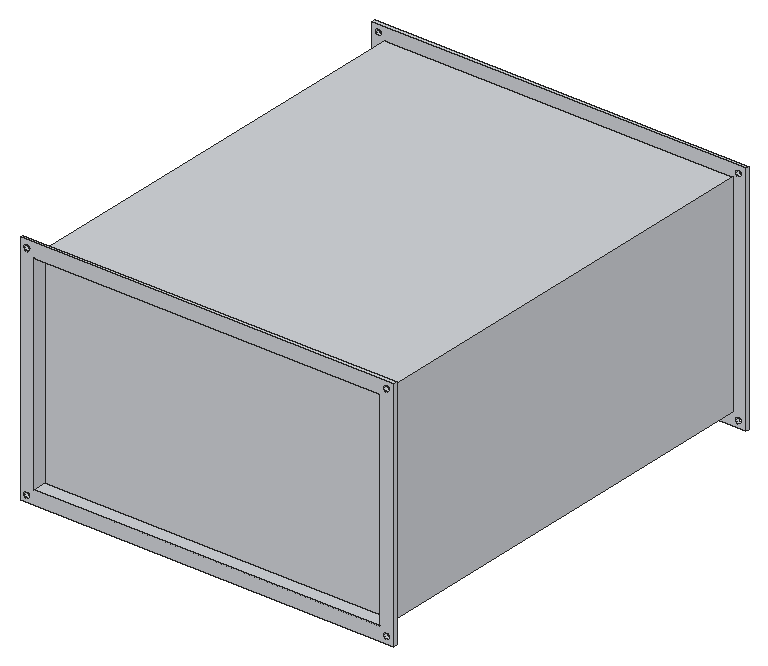
Revit family "11.Карманный воздушный фильтр для прямоугольных каналов FKR", category Оборудование, Revit 2016
Family settings
  Тип детали = Нормальный
  Размер круглого соединителя = Использовать диаметр
  На основе рабочей плоскости = Нет
  Всегда вертикально = Да
  При загрузке вырезать с полостями = Нет
  Общий = Нет
  Точка расчета площади = Нет
Parameters (values of type "50-30")
  ножки(да/нет) [instance] = no
  Ширина = А  # 500 mm
  Частотный преобразователь [instance] = no
  Частота вращения n, об/мин = ""
  Тип, марка, обозначение = "FKR 50-30"
  Теплопроизводительность, кВт = ""
  Сила тока J, А = ""
  Регулятор расхода [instance] = no
  Размер В = 520 mm
  Раздел = "ОВ"
  Примечание = ""
  Позиция = ""
  Отступ = 20 mm
  Напряжение U,В = ""
  Наименование и тех.хар-ка = "Карманный воздушный фильтр для прямоугольных каналов"  # constant formula
  Материал = Сталь серая
  Масса единицы = "10 кг"
  И = 640 mm
  Ж = 9 mm
  Код, оборудования = ""
  Ключевая пометка = "Вентиляция"
  Д = 540 mm
  Задание электрикам [instance] = no
  Задание автоматчикам [instance] = no
  Завод изготовитель = "KORF"  # constant formula
  Единица измерения = "шт."  # constant formula
  Г = 320 mm
  Е = 340 mm
  Высота = Б  # 300 mm
  Б = 300 mm
  А = 500 mm
  Глубина среза = 15 mm
Types (10, lengths in mm): name | Ширина | Тип, марка, обозначение | Размер В | Масса единицы | И | Ж | Д | Г | Е | Высота | Б | А
  30-15 | 300 | "FKR 30-15" | 320 | "6 кг" | 540 | 9 | 340 | 170 | 190 | 150 | 150 | 300
  40-20 | 400 | "FKR 40-20" | 420 | "6.8 кг" | 540 | 9 | 440 | 220 | 240 | 200 | 200 | 400
  50-25 | 500 | "FKR 50-25" | 520 | "9.4 кг" | 640 | 9 | 540 | 270 | 290 | 250 | 250 | 500
  50-30 | 500 | "FKR 50-30" | 520 | "10 кг" | 640 | 9 | 540 | 320 | 340 | 300 | 300 | 500
  60-30 | 600 | "FKR 60-30" | 620 | "11 кг" | 640 | 9 | 640 | 320 | 340 | 300 | 300 | 600
  60-35 | 600 | "FKR 60-35" | 620 | "11.2 кг" | 640 | 9 | 640 | 370 | 390 | 350 | 350 | 600
  70-40 | 700 | "FKR 70-40" | 720 | "14.2 кг" | 720 | 9 | 740 | 420 | 440 | 400 | 400 | 700
  80-50 | 800 | "FKR 80-50" | 820 | "23.4 кг" | 800 | 9 | 870 | 520 | 540 | 500 | 500 | 800
  90-50 | 900 | "FKR 90-50" | 930 | "26 кг" | 820 | 11 | 960 | 530 | 560 | 500 | 500 | 900
  100-50 | 1000 | "FKR 100-50" | 1030 | "27.6 кг" | 820 | 11 | 1060 | 530 | 560 | 500 | 500 | 1000
Reference planes
  plane 1 "По центру (Вперед/Назад)": y = 0
  plane 2: z = 0
  plane 3 "По центру (Влево/Вправо)": x = 0
  plane 4: x = -270
  plane 5: x = 270
  plane 6: z = 170
  plane 7: z = -170
  plane 8: x = -260
  plane 9: x = -250
  plane 10: x = 260
  plane 11: x = 250
  plane 12: z = 160
  plane 13: z = 150
  plane 14: z = -160
  plane 15: z = -150
  plane 16: y = 320
  plane 17: y = -320
  plane 18: y = -300
  plane 19: y = 300
Forms (mm)
  Extrusion 1, void, not visible
    sketch origin (-345, -245, 50) x (0, -1, 0) y (0, 0, -1)
      loop
        line (-477.965, -475) -> (-477.965, -450) -> (-528.913, -450) -> (-528.913, -475) -> (-477.965, -475)
    from -47.452 to 12
  Extrusion 2, solid, detail levels fine
    sketch origin (0, 0, 0) x (1, 0, 0) y (0, 0, 1)
      loop
        line (-270, 170) -> (-270, -170) -> (270, -170) -> (270, 170) -> (-270, 170)
    from -320 to 320
  Extrusion 3, void
    sketch origin (0, 0, 0) x (1, 0, 0) y (0, 0, 1)
      loop
        circle (-260, 160) r 4.5
      loop
        circle (-260, -160) r 4.5
      loop
        circle (260, -160) r 4.5
      loop
        circle (260, 160) r 4.5
    from -320 to 320
  Sweep 4, void, detail levels fine
    path in 3D
      loop
        line (-270, -320, 170) -> (-270, -320, -170) -> (270, -320, -170) -> (270, -320, 170) -> (-270, -320, 170)
    profile origin (0, -320, 170) x (0, -1, 0) y (0, 0, 1)
      loop
        line (-5, 0) -> (-635.382, 0) -> (-635.382, -18) -> (-5, -18) -> (-5, 0)
  Extrusion 5, void
    sketch origin (0, 0, 0) x (1, 0, 0) y (0, 0, 1)
      loop
        line (-250, 150) -> (-250, -150) -> (250, -150) -> (250, 150) -> (-250, 150)
    from 320 to 300
  Extrusion 6, void
    sketch origin (0, 0, 0) x (1, 0, 0) y (0, 0, -1)
      loop
        line (-250, -150) -> (250, -150) -> (250, 150) -> (-250, 150) -> (-250, -150)
    from 300 to 320
Cuts and joins
  Extrusion 3, Sweep 4, Extrusion 5, Extrusion 6 cuts Extrusion 2
Lines and regions (mm)
  sketch lines
    curve 1: line (270, -320, 170) -> (-270, -320, 170)
    curve 2: line (270, -320, -170) -> (270, -320, 170)
    curve 3: line (-270, -320, -170) -> (270, -320, -170)
    curve 4: line (-270, -320, 170) -> (-270, -320, -170)
  model lines, detail levels coarse
    curve 5: line (-270, 320, 0) -> (270, 320, 0)
    curve 6: line (-270, -320, 0) -> (-270, 320, 0)
    curve 7: line (270, -320, 0) -> (-270, -320, 0)
    curve 8: line (270, 320, 0) -> (270, -320, 0)
    curve 9: line (-163.443, -112.606, 0) -> (-141.218, 141.424, 0)
    curve 10: line (-141.218, 141.424, 0) -> (-126.218, 141.424, 0)
    curve 11: line (-103.994, -112.606, 0) -> (-126.218, 141.424, 0)
    curve 12: line (-103.994, -112.606, 0) -> (-96.623, -112.606, 0)
    curve 13: line (-96.623, -112.606, 0) -> (-74.399, 141.424, 0)
    curve 14: line (-74.399, 141.424, 0) -> (-59.399, 141.424, 0)
    curve 15: line (-37.174, -112.606, 0) -> (-59.399, 141.424, 0)
    curve 16: line (-37.174, -112.606, 0) -> (-29.804, -112.606, 0)
    curve 17: line (-29.804, -112.606, 0) -> (-7.579, 141.424, 0)
    curve 18: line (-7.579, 141.424, 0) -> (7.421, 141.424, 0)
    curve 19: line (29.646, -112.606, 0) -> (7.421, 141.424, 0)
    curve 20: line (29.646, -112.606, 0) -> (37.016, -112.606, 0)
    curve 21: line (37.016, -112.606, 0) -> (59.241, 141.424, 0)
    curve 22: line (59.241, 141.424, 0) -> (74.241, 141.424, 0)
    curve 23: line (96.465, -112.606, 0) -> (74.241, 141.424, 0)
    curve 24: line (96.465, -112.606, 0) -> (103.835, -112.606, 0)
    curve 25: line (103.835, -112.606, 0) -> (126.06, 141.424, 0)
    curve 26: line (126.06, 141.424, 0) -> (141.06, 141.424, 0)
    curve 27: line (163.285, -112.606, 0) -> (141.06, 141.424, 0)
  model lines, not visible, detail levels coarse
    curve 28: line (-163.443, -112.606, 0) -> (-141.218, 141.424, 0)
    curve 29: line (-141.218, 141.424, 0) -> (-126.218, 141.424, 0)
    curve 30: line (-103.994, -112.606, 0) -> (-126.218, 141.424, 0)
    curve 31: line (-103.994, -112.606, 0) -> (-96.623, -112.606, 0)
    curve 32: line (-96.623, -112.606, 0) -> (-74.399, 141.424, 0)
    curve 33: line (-74.399, 141.424, 0) -> (-59.399, 141.424, 0)
    curve 34: line (-37.174, -112.606, 0) -> (-59.399, 141.424, 0)
    curve 35: line (-37.174, -112.606, 0) -> (-29.804, -112.606, 0)
    curve 36: line (-29.804, -112.606, 0) -> (-7.579, 141.424, 0)
    curve 37: line (-7.579, 141.424, 0) -> (7.421, 141.424, 0)
    curve 38: line (29.646, -112.606, 0) -> (7.421, 141.424, 0)
    curve 39: line (29.646, -112.606, 0) -> (37.016, -112.606, 0)
    curve 40: line (37.016, -112.606, 0) -> (59.241, 141.424, 0)
    curve 41: line (59.241, 141.424, 0) -> (74.241, 141.424, 0)
    curve 42: line (96.465, -112.606, 0) -> (74.241, 141.424, 0)
    curve 43: line (96.465, -112.606, 0) -> (103.835, -112.606, 0)
    curve 44: line (103.835, -112.606, 0) -> (126.06, 141.424, 0)
    curve 45: line (126.06, 141.424, 0) -> (141.06, 141.424, 0)
    curve 46: line (163.285, -112.606, 0) -> (141.06, 141.424, 0)
  model lines, detail levels medium
    curve 47: line (0, 320, 170) -> (0, -320, 170)
    curve 48: line (0, 320, -170) -> (0, 320, 170)
    curve 49: line (0, -320, -170) -> (0, 320, -170)
    curve 50: line (0, -320, 170) -> (0, -320, -170)
    curve 51: line (0, 119.151, 92.222) -> (0, -65.145, 76.098)
    curve 52: line (0, -65.145, 76.098) -> (0, -65.145, 66.098)
    curve 53: line (0, 119.151, 49.975) -> (0, -65.145, 66.098)
    curve 54: line (0, 119.151, 49.975) -> (0, 119.151, 44.975)
    curve 55: line (0, 119.151, 44.975) -> (0, -65.145, 28.851)
    curve 56: line (0, -65.145, 28.851) -> (0, -65.145, 18.851)
    curve 57: line (0, 119.151, 2.727) -> (0, -65.145, 18.851)
    curve 58: line (0, 119.151, 2.727) -> (0, 119.151, -2.273)
    curve 59: line (0, 119.151, -2.273) -> (0, -65.145, -18.397)
    curve 60: line (0, -65.145, -18.397) -> (0, -65.145, -28.397)
    curve 61: line (0, 119.151, -44.521) -> (0, -65.145, -28.397)
    curve 62: line (0, 119.151, -44.521) -> (0, 119.151, -49.521)
    curve 63: line (0, 119.151, -49.521) -> (0, -65.145, -65.644)
    curve 64: line (0, -65.145, -65.644) -> (0, -65.145, -75.644)
    curve 65: line (0, 119.151, -91.768) -> (0, -65.145, -75.644)
  model lines, not visible, detail levels medium
    curve 66: line (0, 119.151, 92.222) -> (0, -65.145, 76.098)
    curve 67: line (0, -65.145, 76.098) -> (0, -65.145, 66.098)
    curve 68: line (0, 119.151, 49.975) -> (0, -65.145, 66.098)
    curve 69: line (0, 119.151, 49.975) -> (0, 119.151, 44.975)
    curve 70: line (0, 119.151, 44.975) -> (0, -65.145, 28.851)
    curve 71: line (0, -65.145, 28.851) -> (0, -65.145, 18.851)
    curve 72: line (0, 119.151, 2.727) -> (0, -65.145, 18.851)
    curve 73: line (0, 119.151, 2.727) -> (0, 119.151, -2.273)
    curve 74: line (0, 119.151, -2.273) -> (0, -65.145, -18.397)
    curve 75: line (0, -65.145, -18.397) -> (0, -65.145, -28.397)
    curve 76: line (0, 119.151, -44.521) -> (0, -65.145, -28.397)
    curve 77: line (0, 119.151, -44.521) -> (0, 119.151, -49.521)
    curve 78: line (0, 119.151, -49.521) -> (0, -65.145, -65.644)
    curve 79: line (0, -65.145, -65.644) -> (0, -65.145, -75.644)
    curve 80: line (0, 119.151, -91.768) -> (0, -65.145, -75.644)
Dimensions and locks
  equal spacing: plane 6, level, plane 7
  "Е": plane 6 to plane 7
  equal spacing: plane 12, level, plane 14
  "Г": plane 12 to plane 14
  equal spacing: plane 13, level, plane 15
  "Б": plane 13 to plane 15
  equal spacing: plane 5, plane 3 "По центру (Влево/Вправо)", plane 4
  "Д": plane 5 to plane 4
  equal spacing: plane 10, plane 3 "По центру (Влево/Вправо)", plane 8
  "Размер В": plane 10 to plane 8
  equal spacing: plane 9, plane 3 "По центру (Влево/Вправо)", plane 11
  "А": plane 9 to plane 11
  equal spacing: plane 16, plane 1 "По центру (Вперед/Назад)", plane 17
  "И": plane 16 to plane 17
  locked: plane 17 to Sweep 4 sketch curve at 5
  locked: Sweep 4 sketch curve to plane 16 at 4.618
  plane 6 to Sweep 4 sketch curve = 18 mm
  "Отступ": plane 16 to plane 19
  "Отступ": plane 18 to plane 17
  "Ж": diameter of Extrusion 3 sketch curve  (x4)
  aligned and locked: level to plane 2
  aligned and locked: Extrusion 2 to plane 6
  aligned and locked: Extrusion 2 to plane 4
  aligned and locked: Extrusion 2 to plane 7
  aligned and locked: Extrusion 2 to plane 5
  aligned and locked: plane 16 to Extrusion 2
  aligned and locked: Extrusion 2 to plane 17
  aligned and locked: cut or joined group of Extrusion 2, Extrusion 3, Sweep 4, Extrusion 5, Extrusion 6 to plane 17  (x2)
  aligned and locked: plane 16 to cut or joined group of Extrusion 2, Extrusion 3, Sweep 4, Extrusion 5, Extrusion 6  (x2)
  aligned and locked: cut or joined group of Extrusion 2, Extrusion 3, Sweep 4, Extrusion 5, Extrusion 6 to plane 13
  aligned and locked: plane 9 to cut or joined group of Extrusion 2, Extrusion 3, Sweep 4, Extrusion 5, Extrusion 6  (x2)
  aligned and locked: cut or joined group of Extrusion 2, Extrusion 3, Sweep 4, Extrusion 5, Extrusion 6 to plane 15
  aligned and locked: cut or joined group of Extrusion 2, Extrusion 3, Sweep 4, Extrusion 5, Extrusion 6 to plane 11  (x2)
  aligned and locked: plane 18 to cut or joined group of Extrusion 2, Extrusion 3, Sweep 4, Extrusion 5, Extrusion 6
  aligned and locked: plane 19 to cut or joined group of Extrusion 2, Extrusion 3, Sweep 4, Extrusion 5, Extrusion 6
  aligned and locked: curve 5 to cut or joined group of Extrusion 2, Extrusion 3, Sweep 4, Extrusion 5, Extrusion 6
  aligned and locked: curve 6 to cut or joined group of Extrusion 2, Extrusion 3, Sweep 4, Extrusion 5, Extrusion 6
  aligned and locked: curve 7 to cut or joined group of Extrusion 2, Extrusion 3, Sweep 4, Extrusion 5, Extrusion 6
  aligned and locked: curve 8 to cut or joined group of Extrusion 2, Extrusion 3, Sweep 4, Extrusion 5, Extrusion 6
  aligned and locked: curve 47 to cut or joined group of Extrusion 2, Extrusion 3, Sweep 4, Extrusion 5, Extrusion 6
  aligned and locked: curve 48 to cut or joined group of Extrusion 2, Extrusion 3, Sweep 4, Extrusion 5, Extrusion 6
  aligned and locked: curve 49 to cut or joined group of Extrusion 2, Extrusion 3, Sweep 4, Extrusion 5, Extrusion 6
  aligned and locked: curve 50 to cut or joined group of Extrusion 2, Extrusion 3, Sweep 4, Extrusion 5, Extrusion 6
Automatic sketch dimensions
  Extrusion 2 sketch curve to plane 4 = 0 mm
  plane 5 to Extrusion 2 sketch curve = 0 mm
  Extrusion 2 sketch curve to plane 7 = 0 mm
  Extrusion 2 sketch curve to plane 6 = 0 mm
  Sweep 4 sketch curve to profile plane = 0 mm
  plane 9 to Extrusion 5 sketch curve = 0 mm
  plane 11 to Extrusion 5 sketch curve = 0 mm
  Extrusion 5 sketch curve to plane 15 = 0 mm
  Extrusion 5 sketch curve to plane 13 = 0 mm
  plane 9 to Extrusion 6 sketch curve = 0 mm
  plane 11 to Extrusion 6 sketch curve = 0 mm
  Extrusion 6 sketch curve to plane 13 = 0 mm
  Extrusion 6 sketch curve to plane 15 = 0 mm
  Extrusion 3 sketch curve to plane 8 = 0 mm  (x2)
  Extrusion 3 sketch curve to plane 10 = 0 mm  (x2)
  Extrusion 3 sketch curve to plane 14 = 0 mm  (x2)
  Extrusion 3 sketch curve to plane 12 = 0 mm  (x2)
Nested families
  nested 1: "крепление 15мм" at (-330, 229.965, 495), type "крепление 15мм", not visible
Connectors
  hvac at (0, -320, 0), driven by "Высота", driven by "Ширина"
    settings: on cut or joined group of Extrusion 2, Extrusion 3, Sweep 4, Extrusion 5, Extrusion 6, index 1, duct flow 0.0 L/s, flow factor 0, pres drop 0.0 Pa, loss coef 0, conn angle 0.00°, conn width 500 mm, conn height 300 mm, conn diameter 609.6 mm, duct sys type 28, conn prof type 1, flow config 0, flow direction 0, loss method 0, conn ref index 2, conn util no, is conn primary yes, conn desc ""
  hvac at (0, 320, 0), driven by "Высота", driven by "Ширина"
    settings: on cut or joined group of Extrusion 2, Extrusion 3, Sweep 4, Extrusion 5, Extrusion 6, index 2, duct flow 0.0 L/s, flow factor 0, pres drop 0.0 Pa, loss coef 0, conn angle 0.00°, conn width 500 mm, conn height 300 mm, conn diameter 609.6 mm, duct sys type 28, conn prof type 1, flow config 0, flow direction 0, loss method 0, conn ref index 1, conn util no, is conn primary no, conn desc ""
Definition of nested family "крепление 15мм"
  Parameters (values of type "крепление 15мм")
    Материал крепления = none
  Reference planes
    plane 1 "По центру (Вперед/Назад)": y = 0
    plane 2: z = 0
    plane 3 "По центру (Влево/Вправо)": x = 0
  Forms (mm)
    Extrusion 1, solid, material <- "Материал крепления"
      sketch origin (0, 0, 0) x (1, 0, 0) y (0, 1, 0)
        loop
          line (-25, 0) -> (0, 0) -> (0, 18.31) -> (0, 25) -> (-3, 25) -> (-3, 3) -> (-25, 3) -> (-25, 0)
      from 0 to 30
    Extrusion 2, void
      sketch origin (0, 0, 0) x (1, 0, 0) y (0, 1, 0)
        loop
          line (-3, 3) -> (-3, 54.96) -> (-58, 54.96) -> (-58, 3) -> (-3, 3)
      from 0 to 15
  Cuts and joins
    Extrusion 2 cuts Extrusion 1
  Dimensions and locks
    Extrusion 1 sketch curve to Extrusion 1 sketch curve = 3 mm  (x2)
    Extrusion 1 sketch curve to Extrusion 1 sketch curve to plane 3 "По центру (Влево/Вправо)" = 25 mm, 0 mm
    Extrusion 1 sketch curve to Extrusion 1 sketch curve = 25 mm
    aligned and locked: level to plane 2
